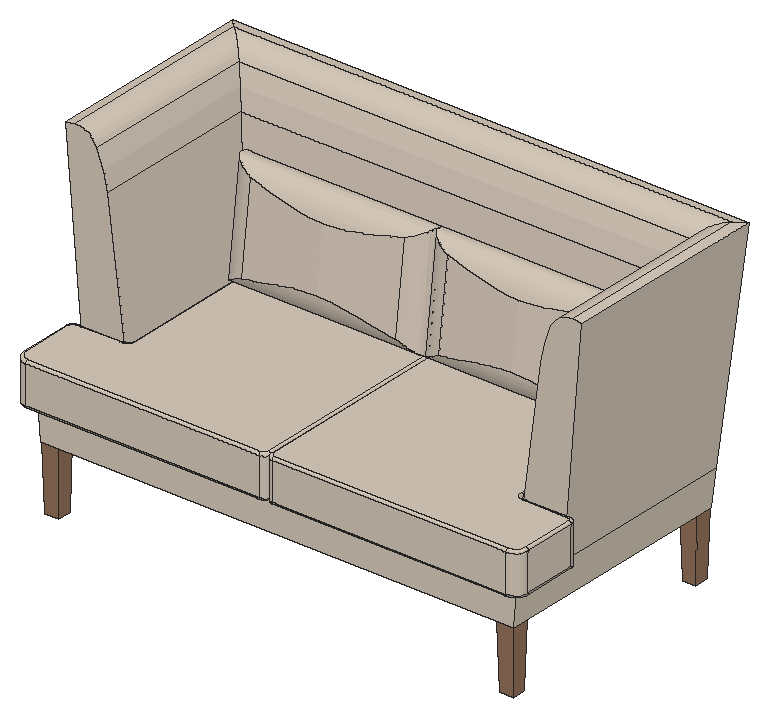
Revit family "FU_Sofa_Sandler_Lord Gerrit 221-53", category Furniture, Revit 2020
Family settings
  OmniClass Number = 23.40.20.00
  OmniClass Title = General Furniture and Specialties
  Work Plane-Based = No
  Always vertical = Yes
  Cut with Voids When Loaded = No
  Shared = No
  Room Calculation Point = No
Parameters (values of type "Lord Gerrit 221.53")
  Width = 1600 mm
  URL = "https://www.sandlerseating.com/product/lord-gerrit-2-221-53/"
  Seat [instance] = Fabric - Manhattan - Bronx YI364
  Model = "Lord Gerrit 221.53"
  Manufacturer = "Sandler"
  Height = 990 mm
  Frame [instance] = Solid Walnut
  Description = "Fully upholstered high-arm 2 seater sofa with solid oak, black walnut or beech frame"
  Depth = 870 mm
  Default Elevation = 0 mm
Reference planes
  plane 1 "Center (Front/Back)": y = 0
  plane 2: z = 0
  plane 3 "Center (Left/Right)": x = 0
  plane 4 "Right": x = -800
  plane 5 "Left": x = 800
  plane 6 "Back": y = 435
  plane 7 "Front": y = -435
  plane 8 "Height": z = 990
  plane 9 "Seat height": z = 440
  plane 10 "Cushion Base RIGHT": z = 310
  plane 11 "Seat Base RIGHT": z = 200
Forms (mm)
  Sweep 1, solid, material "Fabric - Manhattan - Bronx YI364" <- "Seat"
    path origin (0, 0, 990) x (-1, 0, 0) y (0, -1, 0)
      loop
        line (800, 209) -> (800, -435) -> (-800, -435) -> (-800, 209)
    profile "Pro_LG_221-53_Arm : Pro_LG_221-53_Arm" origin (-800, 113, 990) x (-1, 0, 0) y (0, 0, 1)
      loop
        line (-66.013, -790) -> (-0.28, -3.353) -> (-28.078, 0.736)
        arc (-28.078, 0.736) -> (-68.88, -10.857) -> (-96.553, -43.002) r 73.773
        arc (-96.553, -43.002) -> (-116.741, -97.987) -> (-129.367, -155.183) r 435.453
        arc (-129.367, -155.183) -> (-172.969, -472.07) -> (-208.177, -790) r 12096.337
        line (-208.177, -790) -> (-66.013, -790)
  Blend 2, solid, material "Fabric - Manhattan - Bronx YI364" <- "Seat"
    base sketch origin (0, 0, 200) x (1, 0, 0) y (0, 1, 0)
      loop
        line (-734.317, 371.773) -> (-734.317, -390.935) -> (734.739, -390.935) -> (734.739, 371.773) -> (-734.317, 371.773)
    top sketch origin (0, 0, 200) x (1, 0, 0) y (0, 1, 0)
      loop
        line (-743.178, 378.178) -> (-743.178, -390.935) -> (743.178, -390.935) -> (743.178, 378.178) -> (-743.178, 378.178)
    from 0 to 110
  Blend 3, solid, material "Solid Walnut" <- "Frame"
    base sketch origin (0, 0, 0) x (1, 0, 0) y (0, 1, 0)
      loop
        line (-684.005, 324.09) -> (-684.005, 366.09) -> (-726.005, 366.09) -> (-726.005, 324.09) -> (-684.005, 324.09)
    top sketch origin (0, 0, 0) x (1, 0, 0) y (0, 1, 0)
      loop
        line (-679.108, 319.773) -> (-679.108, 371.773) -> (-731.108, 371.773) -> (-731.108, 319.773) -> (-679.108, 319.773)
    from 0 to 200
  Blend 4, solid, material "Solid Walnut" <- "Frame"
    base sketch origin (0, 0, 0) x (-1, 0, 0) y (0, -1, 0)
      loop
        line (-684.005, -324.09) -> (-726.005, -324.09) -> (-726.005, -366.09) -> (-684.005, -366.09) -> (-684.005, -324.09)
    top sketch origin (0, 0, 0) x (-1, 0, 0) y (0, -1, 0)
      loop
        line (-679.108, -319.773) -> (-731.108, -319.773) -> (-731.108, -371.773) -> (-679.108, -371.773) -> (-679.108, -319.773)
    from 0 to 200
  Blend 5, solid, material "Solid Walnut" <- "Frame"
    base sketch origin (0, -17.134, 0) x (1, 0, 0) y (0, 1, 0)
      loop
        line (-684.005, -324.09) -> (-726.005, -324.09) -> (-726.005, -366.09) -> (-684.005, -366.09) -> (-684.005, -324.09)
    top sketch origin (0, -17.134, 0) x (1, 0, 0) y (0, 1, 0)
      loop
        line (-679.108, -319.773) -> (-731.108, -319.773) -> (-731.108, -371.773) -> (-679.108, -371.773) -> (-679.108, -319.773)
    from 0 to 200
  Blend 6, solid, material "Solid Walnut" <- "Frame"
    base sketch origin (0, -17.134, 0) x (-1, 0, 0) y (0, -1, 0)
      loop
        line (-684.005, 324.09) -> (-684.005, 366.09) -> (-726.005, 366.09) -> (-726.005, 324.09) -> (-684.005, 324.09)
    top sketch origin (0, -17.134, 0) x (-1, 0, 0) y (0, -1, 0)
      loop
        line (-679.108, 319.773) -> (-679.108, 371.773) -> (-731.108, 371.773) -> (-731.108, 319.773) -> (-679.108, 319.773)
    from 0 to 200
  Extrusion 7, solid, material "Fabric - Manhattan - Bronx YI364" <- "Seat"
    sketch origin (0.021, -0.005, 310) x (1, 0, 0) y (0, 1, 0)
      loop
        line (-594.568, 236.232) -> (-594.568, -191.465)
        arc (-594.568, -191.465) -> (-602.769, -211.264) -> (-622.568, -219.465) r 28
        line (-622.568, -219.465) -> (-762.102, -219.465)
        arc (-762.102, -219.465) -> (-769.173, -222.394) -> (-772.102, -229.465) r 10
        line (-772.102, -229.465) -> (-772.102, -395.852)
        arc (-772.102, -395.852) -> (-763.901, -415.651) -> (-744.102, -423.852) r 28
        line (-744.102, -423.852) -> (-20.015, -423.852)
        arc (-20.015, -423.852) -> (-12.944, -420.923) -> (-10.015, -413.852) r 10
        line (-10.015, -413.852) -> (-10.015, 236.232) -> (-594.568, 236.232)
    from 0 to 130
  Extrusion 8, solid, material "Fabric - Manhattan - Bronx YI364" <- "Seat"
    sketch origin (-0.021, -0.005, 310) x (-1, 0, 0) y (0, -1, 0)
      loop
        line (-594.568, -236.232) -> (-10.015, -236.232) -> (-10.015, 413.852)
        arc (-10.015, 413.852) -> (-12.944, 420.923) -> (-20.015, 423.852) r 10
        line (-20.015, 423.852) -> (-744.102, 423.852)
        arc (-744.102, 423.852) -> (-763.901, 415.651) -> (-772.102, 395.852) r 28
        line (-772.102, 395.852) -> (-772.102, 229.465)
        arc (-772.102, 229.465) -> (-769.173, 222.394) -> (-762.102, 219.465) r 10
        line (-762.102, 219.465) -> (-622.568, 219.465)
        arc (-622.568, 219.465) -> (-602.769, 211.264) -> (-594.568, 191.465) r 28
        line (-594.568, 191.465) -> (-594.568, -236.232)
    from 0 to 130
  Sweep 9, solid, material "Fabric - Manhattan - Bronx YI364" <- "Seat"
    path in 3D
      loop
        arc (-19.994, -423.857, 440) -> (-12.923, -420.928, 440) -> (-9.994, -413.857, 440) r 10
        line (-9.994, -413.857, 440) -> (-9.994, 236.227, 440) -> (-594.547, 236.227, 440) -> (-594.547, -191.471, 440)
        arc (-594.547, -191.471, 440) -> (-602.748, -211.27, 440) -> (-622.547, -219.471, 440) r 28
        line (-622.547, -219.471, 440) -> (-762.081, -219.471, 440)
        arc (-762.081, -219.471, 440) -> (-769.152, -222.4, 440) -> (-772.081, -229.471, 440) r 10
        line (-772.081, -229.471, 440) -> (-772.081, -395.857, 440)
        arc (-772.081, -395.857, 440) -> (-763.88, -415.656, 440) -> (-744.081, -423.857, 440) r 28
        line (-744.081, -423.857, 440) -> (-19.994, -423.857, 440)
    profile "Pro_LG_SeatEdge : Pro_LG_SeatEdge" origin (-382.037, -423.857, 440) x (0, 1, 0) y (0, 0, 1)
      loop
        line (0, 0) -> (-2.5, 0)
        arc (-2.5, 0) -> (-7.803, -2.197) -> (-10, -7.5) r 7.5
        line (-10, -7.5) -> (-10, -125)
        arc (-10, -125) -> (-8.536, -128.536) -> (-5, -130) r 5
        line (-5, -130) -> (0, -130) -> (0, 0)
  Sweep 10, solid, material "Fabric - Manhattan - Bronx YI364" <- "Seat"
    path in 3D
      loop
        arc (744.081, -423.857, 440) -> (763.88, -415.656, 440) -> (772.081, -395.857, 440) r 28
        line (772.081, -395.857, 440) -> (772.081, -229.471, 440)
        arc (772.081, -229.471, 440) -> (769.152, -222.4, 440) -> (762.081, -219.471, 440) r 10
        line (762.081, -219.471, 440) -> (622.547, -219.471, 440)
        arc (622.547, -219.471, 440) -> (602.748, -211.27, 440) -> (594.547, -191.471, 440) r 28
        line (594.547, -191.471, 440) -> (594.547, 236.227, 440) -> (9.994, 236.227, 440) -> (9.994, -413.857, 440)
        arc (9.994, -413.857, 440) -> (12.923, -420.928, 440) -> (19.994, -423.857, 440) r 10
        line (19.994, -423.857, 440) -> (744.081, -423.857, 440)
    profile "Pro_LG_SeatEdge : Pro_LG_SeatEdge" origin (382.037, -423.857, 440) x (0, 1, 0) y (0, 0, 1)
      loop
        line (0, 0) -> (-2.5, 0)
        arc (-2.5, 0) -> (-7.803, -2.197) -> (-10, -7.5) r 7.5
        line (-10, -7.5) -> (-10, -125)
        arc (-10, -125) -> (-8.536, -128.536) -> (-5, -130) r 5
        line (-5, -130) -> (0, -130) -> (0, 0)
Cuts and joins
  joined: Sweep 1, Blend 2
  joined: Extrusion 7, Sweep 9
  joined: Extrusion 8, Sweep 10
Lines and regions (mm)
  sketch lines
    curve 1: line (-744.081, -423.857, 440) -> (-19.994, -423.857, 440)
    curve 2: arc (-9.994, -413.857, 440) -> (-12.923, -420.928, 440) -> (-19.994, -423.857, 440) r 10
    curve 3: line (-9.994, -413.857, 440) -> (-9.994, 236.227, 440)
    curve 4: line (-9.994, 236.227, 440) -> (-594.547, 236.227, 440)
    curve 5: line (-594.547, 236.227, 440) -> (-594.547, -191.471, 440)
    curve 6: arc (-622.547, -219.471, 440) -> (-602.748, -211.27, 440) -> (-594.547, -191.471, 440) r 28
    curve 7: line (-622.547, -219.471, 440) -> (-762.081, -219.471, 440)
    curve 8: arc (-772.081, -229.471, 440) -> (-769.152, -222.4, 440) -> (-762.081, -219.471, 440) r 10
    curve 9: line (-772.081, -229.471, 440) -> (-772.081, -395.857, 440)
    curve 10: arc (-744.081, -423.857, 440) -> (-763.88, -415.656, 440) -> (-772.081, -395.857, 440) r 28
    curve 11: line (19.994, -423.857, 440) -> (744.081, -423.857, 440)
    curve 12: arc (772.081, -395.857, 440) -> (763.88, -415.656, 440) -> (744.081, -423.857, 440) r 28
    curve 13: line (772.081, -395.857, 440) -> (772.081, -229.471, 440)
    curve 14: arc (762.081, -219.471, 440) -> (769.152, -222.4, 440) -> (772.081, -229.471, 440) r 10
    curve 15: line (762.081, -219.471, 440) -> (622.547, -219.471, 440)
    curve 16: arc (594.547, -191.471, 440) -> (602.748, -211.27, 440) -> (622.547, -219.471, 440) r 28
    curve 17: line (594.547, -191.471, 440) -> (594.547, 236.227, 440)
    curve 18: line (594.547, 236.227, 440) -> (9.994, 236.227, 440)
    curve 19: line (9.994, 236.227, 440) -> (9.994, -413.857, 440)
    curve 20: arc (19.994, -423.857, 440) -> (12.923, -420.928, 440) -> (9.994, -413.857, 440) r 10
Dimensions and locks
  equal spacing: plane 4 "Right", plane 3 "Center (Left/Right)", plane 5 "Left"
  "Width": plane 4 "Right" to plane 5 "Left"
  equal spacing: plane 6 "Back", plane 1 "Center (Front/Back)", plane 7 "Front"
  "Depth": plane 6 "Back" to plane 7 "Front"
  "Height": plane 8 "Height" to level
  plane 9 "Seat height" to level = 440 mm
  aligned and locked: level to plane 2
  aligned and locked: Blend 3 to plane 11 "Seat Base RIGHT"
Automatic sketch dimensions
  Sweep 1 sketch curve to plane 5 "Left" = 0 mm
  Sweep 1 sketch curve to plane 4 "Right" = 0 mm
  Sweep 1 sketch curve to plane 6 "Back" = 0 mm
  plane 1 "Center (Front/Back)" to Sweep 1 sketch curve = 209 mm  (x2)
  Blend 2 sketch curve to plane 4 "Right" = 65.683 mm
  plane 5 "Left" to Blend 2 sketch curve = 65.261 mm
  plane 7 "Front" to Blend 2 sketch curve = 44.065 mm  (x2)
  Blend 2 sketch curve to plane 6 "Back" = 63.227 mm
  Blend 2 sketch curve to plane 4 "Right" = 56.822 mm
  plane 5 "Left" to Blend 2 sketch curve = 56.822 mm
  Blend 2 sketch curve to plane 6 "Back" = 56.822 mm
  Blend 3 sketch curve to plane 4 "Right" = 73.995 mm
  Blend 3 sketch curve to Blend 3 sketch curve = 42 mm  (x2)
  Blend 3 sketch curve to plane 6 "Back" = 110.91 mm
  Blend 3 sketch curve to plane 4 "Right" = 68.892 mm
  Blend 3 sketch curve to Blend 3 sketch curve = 52 mm  (x2)
  Blend 3 sketch curve to plane 6 "Back" = 115.227 mm
  Blend 4 sketch curve to plane 5 "Left" = 73.995 mm
  Blend 4 sketch curve to Blend 4 sketch curve = 42 mm  (x2)
  plane 6 "Back" to Blend 4 sketch curve = 110.91 mm
  Blend 4 sketch curve to plane 5 "Left" = 68.892 mm
  Blend 4 sketch curve to Blend 4 sketch curve = 52 mm  (x2)
  plane 6 "Back" to Blend 4 sketch curve = 115.227 mm
  plane 4 "Right" to Blend 5 sketch curve = 73.995 mm
  Blend 5 sketch curve to Blend 5 sketch curve = 42 mm  (x2)
  Blend 5 sketch curve to plane 7 "Front" = 93.776 mm
  plane 4 "Right" to Blend 5 sketch curve = 68.892 mm
  Blend 5 sketch curve to Blend 5 sketch curve = 52 mm
  Blend 5 sketch curve to plane 7 "Front" = 98.092 mm
  Blend 5 sketch curve to plane 7 "Front" = 46.092 mm
  plane 5 "Left" to Blend 6 sketch curve = 73.995 mm
  Blend 6 sketch curve to Blend 6 sketch curve = 42 mm  (x2)
  plane 7 "Front" to Blend 6 sketch curve = 93.776 mm
  plane 5 "Left" to Blend 6 sketch curve = 68.892 mm
  Blend 6 sketch curve to Blend 6 sketch curve = 52 mm
  plane 7 "Front" to Blend 6 sketch curve = 98.092 mm
  plane 7 "Front" to Blend 6 sketch curve = 46.092 mm
  Extrusion 7 sketch curve to plane 4 "Right" = 27.919 mm
  Extrusion 7 sketch curve to Extrusion 7 sketch curve = 10 mm
  Extrusion 7 sketch curve to Extrusion 7 sketch curve = 28 mm
  Extrusion 7 sketch curve to Extrusion 7 sketch curve = 139.534 mm
  Extrusion 7 sketch curve to plane 4 "Right" = 205.453 mm
  Extrusion 7 sketch curve to plane 3 "Center (Left/Right)" = 19.994 mm
  Extrusion 7 sketch curve to plane 3 "Center (Left/Right)" = 9.994 mm
  plane 7 "Front" to Extrusion 7 sketch curve = 11.143 mm
  Extrusion 7 sketch curve to Extrusion 7 sketch curve = 166.386 mm
  Extrusion 7 sketch curve to plane 6 "Back" = 198.773 mm
  Extrusion 8 sketch curve to plane 5 "Left" = 27.919 mm
  Extrusion 8 sketch curve to Extrusion 8 sketch curve = 10 mm
  Extrusion 8 sketch curve to Extrusion 8 sketch curve = 28 mm
  Extrusion 8 sketch curve to Extrusion 8 sketch curve = 139.534 mm
  Extrusion 8 sketch curve to plane 5 "Left" = 205.453 mm
  Extrusion 8 sketch curve to plane 3 "Center (Left/Right)" = 19.994 mm
  Extrusion 8 sketch curve to plane 3 "Center (Left/Right)" = 9.994 mm
  Extrusion 8 sketch curve to plane 7 "Front" = 11.143 mm
  Extrusion 8 sketch curve to Extrusion 8 sketch curve = 166.386 mm
  plane 6 "Back" to Extrusion 8 sketch curve = 198.773 mm
Nested families
  nested 1: "221-5 Cushion" at (-305, 213.82, 0), Seat <- "Seat", type "221-5 Cushion"
    with Seat Fabric - Manhattan - Bronx YI364
  nested 2: "221-5 Cushion" at (305, 213.82, 0) x (-1, 0, 0) z (0, 0, 1), Seat <- "Seat", type "221-5 Cushion"
    with Seat Fabric - Manhattan - Bronx YI364
Definition of nested family "221-5 Cushion"
  Parameters (values of type "221-5 Cushion")
    Width = 610 mm
    Seat [instance] = none
    Height = 340 mm
    Depth = 120 mm
    Default Elevation = 0 mm
  Reference planes
    plane 1 "Center (Front/Back)": y = 0
    plane 2: z = 0
    plane 3 "Center (Left/Right)": x = 0
    plane 4 "Right": x = -305
    plane 5 "Left": x = 305
    plane 6 "Back": y = 60
    plane 7 "Front": y = -60
    plane 8 "Height": z = 780
    plane 9 "Seat height": z = 440
  Forms (mm)
    Sweep 1, solid, material <- "Seat"
      path origin (0, -79.581, 5.247) x (1, 0, 0) y (0, 0.130526, 0.991445)
        loop
          line (0, 440) -> (0, 780)
      profile origin (0, 0.04, 610.029) x (-1, 0, 0) y (0, -0.991445, 0.130526)
        loop
          arc (237.26, 47.327) -> (0, 60) -> (-237.26, 47.327) r 2227.254
          spline (-237.26, 47.327) -> (-256.029, 43) -> (-272.619, 36.836) -> (-286.32, 29.099) -> (-296.548, 20.119) -> (-302.864, 10.279) -> (-305, 0) -> (-302.864, -10.279) -> (-296.548, -20.119) -> (-286.32, -29.099) -> (-272.619, -36.836) -> (-256.029, -43) -> (-237.26, -47.327)
          arc (-237.26, -47.327) -> (0, -60) -> (237.26, -47.327) r 2227.254
          spline (237.26, -47.327) -> (256.029, -43) -> (272.619, -36.836) -> (286.32, -29.099) -> (296.548, -20.119) -> (302.864, -10.279) -> (305, 0) -> (302.864, 10.279) -> (296.548, 20.119) -> (286.32, 29.099) -> (272.619, 36.836) -> (256.029, 43) -> (237.26, 47.327)
    Extrusion 2, void
      sketch origin (0, -79.581, 5.247) x (0, 0.991445, -0.130526) y (0, 0.130526, 0.991445)
        loop
          spline (61.949, 675.927) -> (60.41, 702.503) -> (54.567, 727.475) -> (44.838, 749.065) -> (31.913, 765.735) -> (16.716, 776.297) -> (0.327, 779.999) -> (-16.085, 776.576) -> (-31.351, 766.273) -> (-44.383, 749.824) -> (-54.254, 728.401) -> (-60.259, 703.529) -> (-61.972, 676.981)
          line (-61.972, 676.981) -> (-61.972, 543.019)
          spline (-61.972, 543.019) -> (-60.259, 516.471) -> (-54.254, 491.599) -> (-44.383, 470.176) -> (-31.351, 453.727) -> (-16.085, 443.424) -> (0.327, 440.001) -> (16.716, 443.703) -> (31.913, 454.265) -> (44.838, 470.935) -> (54.567, 492.525) -> (60.41, 517.497) -> (61.949, 544.073)
          line (61.949, 544.073) -> (61.949, 675.927)
        loop
          line (-67.271, 786.812) -> (-67.271, 432.613) -> (67.748, 432.613) -> (67.748, 786.812) -> (-67.271, 786.812)
      from -320 to 320
  Cuts and joins
    Extrusion 2 cuts Sweep 1
  Dimensions and locks
    equal spacing: plane 4 "Right", plane 3 "Center (Left/Right)", plane 5 "Left"
    "Width": plane 4 "Right" to plane 5 "Left"
    equal spacing: plane 6 "Back", plane 1 "Center (Front/Back)", plane 7 "Front"
    "Depth": plane 6 "Back" to plane 7 "Front"
    "Height": plane 8 "Height" to plane 9 "Seat height"
    plane 9 "Seat height" to level = 440 mm
    aligned and locked: level to plane 2
  Automatic sketch dimensions
    Sweep 1 sketch curve to plane 3 "Center (Left/Right)" = 0 mm
    Sweep 1 sketch curve to Sweep 1 sketch curve = 340 mm
    profile plane to Sweep 1 sketch curve = 0 mm  (x2)
    Sweep 1 sketch curve to profile plane = 0 mm  (x2)
    Sweep 1 sketch curve to profile plane = 2167.254 mm
    profile plane to Sweep 1 sketch curve = 2167.254 mm
    profile plane to Sweep 1 sketch curve = 105 mm
    Sweep 1 sketch curve to Sweep 1 sketch curve = 100 mm  (x2)
    Sweep 1 sketch curve to Sweep 1 sketch curve = 32.26 mm  (x3)
    Sweep 1 sketch curve to profile plane = 105 mm
    Sweep 1 sketch curve to profile plane = 47.327 mm
    plane 9 "Seat height" to Extrusion 2 sketch curve = 2.94 mm
    Extrusion 2 sketch curve to plane 7 "Front" = 29.81 mm
    Extrusion 2 sketch curve to Extrusion 2 sketch curve = 5.3 mm
    Extrusion 2 sketch curve to Extrusion 2 sketch curve = 123.92 mm
    Extrusion 2 sketch curve to Extrusion 2 sketch curve = 5.799 mm
    Extrusion 2 sketch curve to Extrusion 2 sketch curve = 110.406 mm
    Extrusion 2 sketch curve to Extrusion 2 sketch curve = 111.459 mm
    Extrusion 2 sketch curve to Extrusion 2 sketch curve = 131.855 mm
    Extrusion 2 sketch curve to Extrusion 2 sketch curve = 1.054 mm
    Extrusion 2 sketch curve to Extrusion 2 sketch curve = 109.831 mm
    Extrusion 2 sketch curve to Extrusion 2 sketch curve = 61.949 mm
    Extrusion 2 sketch curve to Extrusion 2 sketch curve = 0 mm
    Extrusion 2 sketch curve to Extrusion 2 sketch curve = 3.019 mm
    Extrusion 2 sketch curve to Extrusion 2 sketch curve = 40 mm
